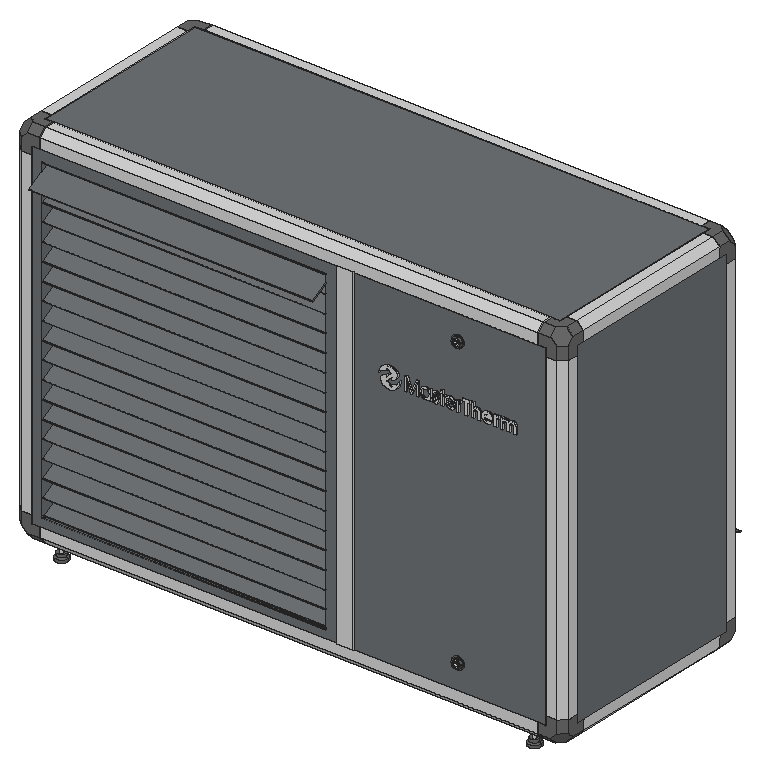
Revit family "BoxAir-Inverter-P_ENG-RFA-2022", category Mechanické zařízení, Revit 2022
Family settings
  Kóta kulaté spojky = Použít průměr
  Typ dílu = Normální
  Číslo OmniClass = 23.75.00.00
  Nadpis OmniClass = Climate Control (HVAC)
  Založené na pracovní rovině = Ne
  Vždy vertikální = Ano
  Ořezat dutým tvarem při načtení = Ne
  Zachovat orientaci poznámky = Ne
  Sdílené = Ne
  Bod výpočtu místnosti = Ne
Parameters (values of type "BA22IP")
  Výrobce = "Master Therm"  # constant formula
  Výchozí výška = 0.00 mm
  URL = "https://www.mastertherm.eu/boxair-inverter-p-heat-pump"
  Popis = "Air-to-water heat pump (R290)"  # constant formula
  Model = if(MT_TYPE = 22, "BoxAir 22 Intverter P", if(MT_TYPE = 26, "BoxAir 26 Intverter P", if(MT_TYPE = 37, "BoxAir 37 Intverter P", "BoxAir 45 Intverter P")))  # "BoxAir 22 Intverter P"
  MT_weight (kg) = if(MT_TYPE = 22, 120, if(MT_TYPE = 26, 130, if(MT_TYPE = 37, 165, 185)))  # 120
  MT_voltage (V) = if(MT_TYPE > 26, 400 V, 230 V)  # 230 V
  MT_side grille W = MT_case depth - 2.00 mm * 40  # 446.00 mm
  MT_side grille H = MT_front grille H  # 805.00 mm
  MT_service space_YES [instance] = no
  MT_pipe mat = MT_angle-corner
  MT_max. currnet – aux. heater (A) = if(MT_TYPE = 37, 25 A, if(MT_TYPE = 45, 32 A, 16 A))  # 16 A
  MT_max. current – compressor (A) = if(MT_TYPE = 22, 16 A, if(MT_TYPE = 45, 25 A, 20 A))  # 16 A
  MT_drain [instance] = 0.0 L/s
  MT_ground height = 30.00 mm  # constant formula
  MT_grille ext front Y = MT_case height - 2.00 mm * 40 - 2.00 mm * 25  # 755.00 mm
  MT_front grille W = MT_case width - 40.00 mm - 498.00 mm - 40.00 mm  # 726.00 mm
  MT_front grille H = MT_case height - 2.00 mm * 40  # 805.00 mm
  MT_frequency (Hz) = 50 Hz  # constant formula
  MT_drain diameter = 40.00 mm  # constant formula
  MT_clearance top = 200.00 mm  # constant formula
  MT_clearance right = MT_clearance front  # 1500.00 mm
  MT_clearance left = MT_clearance front  # 1500.00 mm
  MT_clearance front = if(MT_TYPE > 26, 2000.00 mm, 1500.00 mm)  # 1500.00 mm
  MT_clearance back = 250.00 mm  # constant formula
  MT_cover front_Y-v2 = MT_case depth * (-1)  # -526.00 mm
  MT_apparent power = 0 VA  # constant formula
  MT_active power = 0 W  # constant formula
  MT_hot water – inlet [instance] = 0.0 L/s
  MT_hot water – outlet [instance] = 0.0 L/s
  MT_cover top_Y = MT_cover side_X  # 446.00 mm
  MT_cover top_X = MT_cover front_X  # 1224.00 mm
  MT_cover side_Y = MT_cover front_Y  # 805.00 mm
  MT_cover side_X = MT_case depth - 2.00 mm * 40  # 446.00 mm
  MT_cover front_Y = MT_case height - 2.00 mm * 40  # 805.00 mm
  MT_cover front_X = MT_case width - 2.00 mm * 40  # 1224.00 mm
  MT_case width = if(MT_TYPE > 26, 1308.00 mm, 1304.00 mm)  # 1304.00 mm
  MT_case mat = MT_RAL7016
  MT_case height = if(MT_TYPE > 26, 1498.00 mm, 885.00 mm)  # 885.00 mm
  MT_case depth = if(MT_TYPE > 26, 528.00 mm, 526.00 mm)  # 526.00 mm
  MT_angle offset = 60.00 mm  # constant formula
  MT_angle length_Z = MT_case height - 2 * MT_angle offset  # 765.00 mm
  MT_angle length_Y = MT_case depth - 2 * MT_angle offset  # 406.00 mm
  MT_angle length_X = MT_case width - 2 * MT_angle offset  # 1184.00 mm
  MT_TYPE = 22
  MT_CosPhi = 0  # constant formula
  MT_CO diameter = 28.00 mm  # constant formula
  MT_CI diameter = 28.00 mm  # constant formula
  Komentáře k typům = "COMPRESSOR: BLDC Inverter; 25 – 120 rps; oil (PZ68S) – 0.3 l; max. op. current – 8 A; EVAPORATOR: Coil (Al/Cu); heat transfer area – 21 m2; fin spacing – 2.0 mm; max. overpress. – 4.2 MPa; max. air flow – 3000 m3/h; max. power in (fan) – 0.1 kW; fan diameter – 450 mm; speed (max.) – 700 1/min; LWA – 50 dB; defrost – reversal; CONDENSER: PHE; AISI316; water flow – 0.20 kg/s; min. flow – 0.10 kg/s; temp. difference – 5 K; water volume – 7.0 l; max. water overpress. – 250 kPa; max. refr. overpress. – 4.2 MPa; pump ext. head – 6.0 m; pump motor – 70 W; REFRIGERANT CIRCUIT: R290 (0.8 kg); PHE leak protection – 35% Propylene glycol; R290 leakage sensor – yes; AUX. HEATER: 5.7 + (2.8) kW; CONTROLS: controller – pCO5; EEV – yes; water probe – yes; SHW probe – yes; outdoor probe – yes; dynamic set point – yes; refrigerant probe – 2xPT; POWER SUPPLY: 1x230 (3x400) V; 50 Hz; max. current of compressor (aux. heater) – 16/(16)/(16) A; DIMENSIONS: hot water – 1\" (OD); 90x130x53 cm; 120 kg; LIMITS: max. water overpress. – 0.25 MPa; max. refr. overpress. – 2.9 MPa; air min./max.: -20/+35 °C; water min./max.: 20/65 °C"
  Hot water – outlet = "1'' (OD)"  # constant formula
  Hot water – inlet = "1'' (OD)"  # constant formula
  El. connection = "1xPG21; 1xPG29"  # constant formula
  Drain = "Ø40 mm"  # constant formula
  Cena = 0
  COPYRIGHT = "© Master Therm tepelná čerpadla s. r. o."  # constant formula
Reference planes
  plane 1 "Střed (vpředu/vzadu)": y = 0
  plane 2: z = 0
  plane 3 "Střed (vlevo/vpravo)": x = 0
  plane 4 "MT_case bottom": z = 30
  plane 5 "MT_case right": x = 652
  plane 6 "MT_case left": x = -652
  plane 7 "MT_case back": y = 263
  plane 8 "MT_case front": y = -263
  plane 9 "MT_case top": z = 915
  plane 10: y = -203
  plane 11: y = 203
  plane 12: x = 592
  plane 13: x = -592
  plane 14: z = 90
  plane 15: z = 855
  plane 16: x = 402
  plane 17: x = 471
  plane 18: x = 351
  plane 19: z = 136
  plane 20 "MT_top clearance": z = 1115
  plane 21 "MT_left clearance": x = -2152
  plane 22 "MT_right clearance": x = 2152
  plane 23 "MT_back clearance": y = 513
  plane 24 "MT_front clearance": y = -1763
Forms (mm)
  Extrusion 1, solid, material "MT_RAL7016" <- "MT_case mat"
    sketch origin (-1566.716, -1524, 30) x (-1, 0, 0) y (0, -1, 0)
      loop
        line (-954.716, -1747) -> (-954.716, -1301) -> (-2178.716, -1301) -> (-2178.716, -1747) -> (-954.716, -1747)
    from 0 to 885 <- "MT_case height"
  Extrusion 2, solid, material "MT_RAL7016" <- "MT_case mat"
    sketch origin (-898.431, 263, 1500) x (-1, 0, 0) y (0, 0, 1)
      loop
        line (-1510.431, -1430) -> (-286.431, -1430) -> (-286.431, -625) -> (-1510.431, -625) -> (-1510.431, -1430)
    from 0 to -526 <- "MT_cover front_Y-v2"
  Extrusion 3, solid, material "MT_RAL7016" <- "MT_case mat"
    sketch origin (-652, 401.27, 1500) x (0, 1, 0) y (0, 0, 1)
      loop
        line (-624.27, -1430) -> (-178.27, -1430) -> (-178.27, -625) -> (-624.27, -625) -> (-624.27, -1430)
    from 0 to 1304 <- "MT_case width"
  Extrusion 4, void
    sketch origin (-898.431, -263, 1500) x (-1, 0, 0) y (0, 0, -1)
      loop
        line (-311.431, 1405) -> (-987.431, 1405) -> (-987.431, 650) -> (-311.431, 650) -> (-311.431, 1405)
    from 0 to -40
  Extrusion 5, void
    sketch origin (-652, 401.27, 1500) x (0, -1, 0) y (0, 0, 1)
      loop
        line (203.27, -1405) -> (599.27, -1405) -> (599.27, -650) -> (203.27, -650) -> (203.27, -1405)
    from 0 to -40
  Extrusion 6, void
    sketch origin (-898.431, 263, 1500) x (1, 0, 0) y (0, 0, 1)
      loop
        line (311.431, -1405) -> (987.431, -1405) -> (987.431, -650) -> (311.431, -650) -> (311.431, -1405)
    from 0 to 40
  Extrusion 7, solid, material "MT_angle-corner"
    sketch origin (-400.431, 263, 1500) x (-1, 0, 0) y (0, 0, 1)
      loop
        line (-554.431, -1430) -> (-514.431, -1430) -> (-514.431, -625) -> (-554.431, -625) -> (-554.431, -1430)
    from 0 to 1
  Extrusion 8, solid, material "MT_angle-corner"
    sketch origin (-898.431, -263, 1500) x (-1, 0, 0) y (0, 0, -1)
      loop
        line (-1052.431, 1430) -> (-1052.431, 625) -> (-1012.431, 625) -> (-1012.431, 1430) -> (-1052.431, 1430)
    from 0 to 1
  Extrusion 9, solid, material "MT_angle-corner" <- "MT_pipe mat"
    sketch origin (-881.705, 263, -1200.873) x (0, 0, -1) y (-1, 0, 0)
      loop
        circle (-1350.873, -1352.705) r 14
    from 0 to 20
  Extrusion 10, solid, material "MT_angle-corner" <- "MT_pipe mat"
    sketch origin (-993, 263, -1069.431) x (0, 0, -1) y (-1, 0, 0)
      loop
        circle (-1219.431, -1344) r 14
    from 0 to 20
  Extrusion 11, solid, material "MT_RAL7016" <- "MT_case mat"
    sketch origin (154, 263, 655) x (0, 0, -1) y (0, 1, 0)
      loop
        line (411.188, 0) -> (425, 51.546) -> (424, 51.546) -> (410.188, 0) -> (411.188, 0)
    from 0 to 458
  Extrusion 12, solid, material "MT_angle-corner" <- "MT_pipe mat"
    sketch origin (-989.558, 263, -1311.21) x (0, 0, -1) y (-1, 0, 0)
      loop
        circle (-1411.21, -1391.558) r 10
    from 0 to 20
  Extrusion 13, solid, material "MT_angle-corner" <- "MT_pipe mat"
    sketch origin (-896.456, 263, -1311.974) x (0, 0, -1) y (-1, 0, 0)
      loop
        circle (-1411.974, -1410) r 10
    from 0 to 20
  Extrusion 14, solid
    sketch origin (-1566.484, -1546.998, 30) x (-1, 0, 0) y (0, -1, 0)
      loop
        circle (-1094.484, -1659.998) r 20
    from 0 to -1
Cuts and joins
  Extrusion 4, Extrusion 5, Extrusion 6 cuts Extrusion 2
  Extrusion 5, Extrusion 6 cuts Extrusion 1
  Extrusion 5, Extrusion 6 cuts Extrusion 3
Lines and regions (mm)
  reference lines
    curve 1: line (-2152, 513, 30) -> (2152, 513, 30)
    curve 2: line (-2152, 513, 30) -> (-2152, -263, 30)
    curve 3: line (-652, -1763, 30) -> (652, -1763, 30)
    curve 4: line (2152, 513, 30) -> (2152, -263, 30)
    curve 5: arc (-652, -1763, 30) -> (-1712.66, -1323.66, 30) -> (-2152, -263, 30) r 1500
    curve 6: arc (652, -1763, 30) -> (1712.66, -1323.66, 30) -> (2152, -263, 30) r 1500
    curve 7: line (-2152, 513, 1115) -> (2152, 513, 1115)
    curve 8: line (-2152, 513, 1115) -> (-2152, -263, 1115)
    curve 9: line (-652, -1763, 1115) -> (652, -1763, 1115)
    curve 10: line (2152, 513, 1115) -> (2152, -263, 1115)
    curve 11: arc (652, -1763, 1115) -> (1712.66, -1323.66, 1115) -> (2152, -263, 1115) r 1500
    curve 12: line (-2152, 513, 1115) -> (-2152, 513, 30)
    curve 13: line (2152, 513, 1115) -> (2152, 513, 30)
    curve 14: arc (-652, -1763, 1115) -> (-1712.66, -1323.66, 1115) -> (-2152, -263, 1115) r 1500
    curve 15: arc (652, -1763, 1115) -> (1712.66, -1323.66, 1115) -> (2152, -263, 1115) r 1500
  model lines, style "MT_service space", visible <- "MT_service space_YES"
    curve 16: line (-2152, 513, 30) -> (2152, 513, 30)
    curve 17: line (-2152, 513, 30) -> (-2152, -263, 30)
    curve 18: arc (-652, -1763, 30) -> (-1712.66, -1323.66, 30) -> (-2152, -263, 30) r 1500
    curve 19: line (-652, -1763, 30) -> (652, -1763, 30)
    curve 20: arc (652, -1763, 30) -> (1712.66, -1323.66, 30) -> (2152, -263, 30) r 1500
    curve 21: line (2152, 513, 30) -> (2152, -263, 30)
    curve 22: line (2152, 513, 1115) -> (2152, -263, 1115)
    curve 23: arc (652, -1763, 1115) -> (1712.66, -1323.66, 1115) -> (2152, -263, 1115) r 1500
    curve 24: line (-652, -1763, 1115) -> (652, -1763, 1115)
    curve 25: arc (-652, -1763, 1115) -> (-1712.66, -1323.66, 1115) -> (-2152, -263, 1115) r 1500
    curve 26: line (-2152, 513, 1115) -> (-2152, -263, 1115)
    curve 27: line (-2152, 513, 1115) -> (2152, 513, 1115)
    curve 28: line (-2152, 513, 1115) -> (-2152, 513, 30)
    curve 29: line (2152, 513, 1115) -> (2152, 513, 30)
Dimensions and locks
  "MT_ground height": plane 4 "MT_case bottom" to plane 2
  equal spacing: plane 6 "MT_case left", plane 3 "Střed (vlevo/vpravo)", plane 5 "MT_case right"
  "MT_case width": plane 6 "MT_case left" to plane 5 "MT_case right"
  equal spacing: plane 7 "MT_case back", plane 1 "Střed (vpředu/vzadu)", plane 8 "MT_case front"
  "MT_case depth": plane 7 "MT_case back" to plane 8 "MT_case front"
  "MT_angle offset": plane 8 "MT_case front" to plane 10
  "MT_angle offset": plane 7 "MT_case back" to plane 11
  "MT_angle offset": plane 12 to plane 5 "MT_case right"
  "MT_angle offset": plane 6 "MT_case left" to plane 13
  "MT_angle offset": plane 14 to plane 4 "MT_case bottom"
  "MT_case height": plane 9 "MT_case top" to plane 4 "MT_case bottom"
  "MT_angle offset": plane 9 "MT_case top" to plane 15
  equal spacing: Extrusion 1 sketch curve, plane 3 "Střed (vlevo/vpravo)", Extrusion 1 sketch curve
  "MT_cover top_X": Extrusion 1 sketch curve to Extrusion 1 sketch curve
  equal spacing: Extrusion 1 sketch curve, plane 1 "Střed (vpředu/vzadu)", Extrusion 1 sketch curve
  "MT_cover top_Y": Extrusion 1 sketch curve to Extrusion 1 sketch curve
  equal spacing: Extrusion 2 sketch curve, plane 3 "Střed (vlevo/vpravo)", Extrusion 2 sketch curve
  "MT_cover front_X": Extrusion 2 sketch curve to Extrusion 2 sketch curve
  "MT_cover front_Y": Extrusion 2 sketch curve to Extrusion 2 sketch curve
  equal spacing: Extrusion 3 sketch curve, plane 1 "Střed (vpředu/vzadu)", Extrusion 3 sketch curve
  "MT_cover side_X": Extrusion 3 sketch curve to Extrusion 3 sketch curve
  "MT_cover side_Y": Extrusion 3 sketch curve to Extrusion 3 sketch curve
  locked: plane 9 "MT_case top" to nested 23 at 100
  locked: plane 5 "MT_case right" to plane 16 at 250
  locked: nested 22 to plane 4 "MT_case bottom" at 100
  locked: plane 9 "MT_case top" to nested 21 at 250
  locked: plane 6 "MT_case left" to nested 25 at 90
  locked: plane 6 "MT_case left" to nested 24 at 90
  locked: plane 7 "MT_case back" to nested 25 at 28
  locked: nested 24 to plane 8 "MT_case front" at 28
  locked: nested 26 to plane 5 "MT_case right" at 90
  locked: nested 26 to plane 8 "MT_case front" at 28
  locked: nested 27 to plane 5 "MT_case right" at 90
  locked: plane 7 "MT_case back" to nested 27 at 28
  locked: Extrusion 2 to Extrusion 4 sketch curve at 25
  locked: Extrusion 4 sketch curve to Extrusion 2 at 25
  "MT_grille ext front Y": Extrusion 4 sketch curve to Extrusion 4 sketch curve
  locked: nested 28 to cut or joined group of Extrusion 2, Extrusion 4, Extrusion 5, Extrusion 6 at 45
  locked: cut or joined group of Extrusion 3, Extrusion 5, Extrusion 6 to Extrusion 5 sketch curve at 25  (x3)
  "MT_grille ext front Y": Extrusion 5 sketch curve to Extrusion 5 sketch curve
  locked: cut or joined group of Extrusion 3, Extrusion 5, Extrusion 6 to nested 29 at 45
  "MT_grille ext front Y": Extrusion 6 sketch curve to Extrusion 6 sketch curve
  locked: cut or joined group of Extrusion 2, Extrusion 4, Extrusion 5, Extrusion 6 to nested 30 at 45
  locked: nested 32 to plane 9 "MT_case top" at 100
  locked: cut or joined group of Extrusion 2, Extrusion 4, Extrusion 5, Extrusion 6 to nested 31 at 270
  locked: Extrusion 7 sketch curve to Extrusion 7 sketch curve at 40
  Extrusion 8 sketch curve to Extrusion 8 sketch curve = 40.00 mm
  plane 3 "Střed (vlevo/vpravo)" to Extrusion 7 sketch curve = 114.00 mm
  plane 4 "MT_case bottom" to Extrusion 10 = 106.00 mm
  locked: plane 5 "MT_case right" to plane 17 at 181
  locked: plane 18 to plane 17 at 120
  locked: Extrusion 11 to plane 4 "MT_case bottom" at 200
  locked: plane 4 "MT_case bottom" to plane 19 at 106
  locked: plane 5 "MT_case right" to Extrusion 8 at 498
  locked: plane 5 "MT_case right" to Extrusion 7 at 498
  locked: Extrusion 7 to Extrusion 6 sketch curve at 25
  locked: plane 6 "MT_case left" to Extrusion 14 at 200
  locked: plane 7 "MT_case back" to Extrusion 14 at 150
  "MT_clearance left": curve 2 to plane 6 "MT_case left"
  "MT_clearance right": plane 5 "MT_case right" to curve 4
  "MT_clearance back": curve 1 to plane 7 "MT_case back"
  "MT_clearance front": curve 3 to plane 8 "MT_case front"
  equal spacing: curve 3, plane 3 "Střed (vlevo/vpravo)", curve 3
  "MT_clearance top": plane 20 "MT_top clearance" to plane 9 "MT_case top"
  "MT_case width": curve 9 to curve 9
  "MT_clearance right": plane 22 "MT_right clearance" to plane 5 "MT_case right"
  "MT_clearance left": plane 6 "MT_case left" to plane 21 "MT_left clearance"
  "MT_clearance back": plane 23 "MT_back clearance" to plane 7 "MT_case back"
  "MT_clearance front": plane 8 "MT_case front" to plane 24 "MT_front clearance"
  "MT_CO diameter": diameter of Extrusion 9 sketch curve
  "MT_CI diameter": diameter of Extrusion 10 sketch curve
  "MT_drain diameter": diameter of Extrusion 14 sketch curve
  "MT_clearance front": radius of curve 5
  "MT_clearance front": radius of curve 6
  "MT_clearance front": radius of curve 14
  "MT_clearance front": radius of curve 15
  aligned and locked: level to plane 2
  aligned and locked: plane 4 "MT_case bottom" to nested 1
  aligned and locked: plane 4 "MT_case bottom" to nested 2
  aligned and locked: nested 3 to plane 4 "MT_case bottom"
  aligned and locked: nested 4 to plane 4 "MT_case bottom"
  aligned and locked: plane 5 "MT_case right" to nested 2
  aligned and locked: plane 6 "MT_case left" to nested 3
  aligned and locked: nested 4 to plane 7 "MT_case back"
  aligned and locked: plane 8 "MT_case front" to nested 1
  aligned and locked: nested 3 to plane 10
  aligned and locked: plane 13 to nested 4
  aligned and locked: plane 10 to nested 2
  aligned and locked: nested 1 to plane 13
  aligned and locked: plane 4 "MT_case bottom" to nested 5
  aligned and locked: nested 6 to plane 4 "MT_case bottom"
  aligned and locked: plane 4 "MT_case bottom" to nested 8
  aligned and locked: nested 7 to plane 4 "MT_case bottom"
  aligned and locked: plane 13 to nested 5
  aligned and locked: nested 5 to plane 11
  aligned and locked: nested 6 to plane 13
  aligned and locked: plane 10 to nested 6
  aligned and locked: nested 8 to plane 12
  aligned and locked: nested 8 to plane 10
  aligned and locked: plane 12 to nested 7
  aligned and locked: plane 11 to nested 7
  aligned and locked: nested 9 to plane 14
  aligned and locked: nested 9 to plane 6 "MT_case left"
  aligned and locked: nested 9 to plane 8 "MT_case front"
  aligned and locked: plane 14 to nested 10
  aligned and locked: plane 14 to nested 12
  aligned and locked: nested 11 to plane 14
  aligned and locked: nested 12 to plane 5 "MT_case right"
  aligned and locked: plane 5 "MT_case right" to nested 11
  aligned and locked: plane 6 "MT_case left" to nested 10
  aligned and locked: nested 11 to plane 7 "MT_case back"
  aligned and locked: plane 8 "MT_case front" to nested 12
  aligned and locked: plane 7 "MT_case back" to nested 10
  aligned and locked: nested 18 to plane 9 "MT_case top"
  aligned and locked: plane 9 "MT_case top" to nested 17
  aligned and locked: plane 9 "MT_case top" to nested 20
  aligned and locked: nested 19 to plane 9 "MT_case top"
  aligned and locked: plane 6 "MT_case left" to nested 17
  aligned and locked: nested 17 to plane 7 "MT_case back"
  aligned and locked: nested 18 to plane 6 "MT_case left"
  aligned and locked: plane 8 "MT_case front" to nested 18
  aligned and locked: nested 20 to plane 8 "MT_case front"
  aligned and locked: nested 20 to plane 5 "MT_case right"
  aligned and locked: plane 5 "MT_case right" to nested 19
  aligned and locked: plane 7 "MT_case back" to nested 19
  aligned and locked: nested 14 to plane 10
  aligned and locked: plane 13 to nested 13
  aligned and locked: plane 10 to nested 15
  aligned and locked: nested 16 to plane 13
  aligned and locked: plane 9 "MT_case top" to nested 13
  aligned and locked: nested 16 to plane 9 "MT_case top"
  aligned and locked: nested 15 to plane 9 "MT_case top"
  aligned and locked: plane 9 "MT_case top" to nested 14
  aligned and locked: nested 15 to plane 6 "MT_case left"
  aligned and locked: nested 13 to plane 8 "MT_case front"
  aligned and locked: plane 7 "MT_case back" to nested 16
  aligned and locked: nested 14 to plane 5 "MT_case right"
  aligned and locked: Extrusion 2 sketch curve to nested 4
  aligned and locked: Extrusion 2 to Extrusion 3 sketch curve
  aligned and locked: plane 8 "MT_case front" to nested 21
  aligned and locked: plane 8 "MT_case front" to nested 22
  aligned and locked: plane 8 "MT_case front" to nested 23
  aligned and locked: nested 23 to plane 16
  aligned and locked: nested 22 to plane 16
  aligned and locked: plane 16 to nested 21
  aligned and locked: plane 4 "MT_case bottom" to nested 24
  aligned and locked: plane 4 "MT_case bottom" to nested 25
  aligned and locked: plane 4 "MT_case bottom" to nested 26
  aligned and locked: plane 4 "MT_case bottom" to nested 27
  aligned and locked: nested 28 to cut or joined group of Extrusion 2, Extrusion 4, Extrusion 5, Extrusion 6
  aligned and locked: nested 29 to cut or joined group of Extrusion 3, Extrusion 5, Extrusion 6
  aligned and locked: nested 29 to cut or joined group of Extrusion 1, Extrusion 5, Extrusion 6
  aligned and locked: nested 28 to cut or joined group of Extrusion 1, Extrusion 5, Extrusion 6
  aligned and locked: nested 30 to cut or joined group of Extrusion 1, Extrusion 5, Extrusion 6
  aligned and locked: plane 16 to nested 32
  aligned and locked: plane 16 to nested 31
  aligned and locked: plane 18 to Extrusion 10
  aligned and locked: plane 17 to Extrusion 9
  aligned and locked: Extrusion 11 to plane 7 "MT_case back"
  aligned and locked: plane 19 to Extrusion 10
  aligned and locked: plane 19 to Extrusion 9
  aligned and locked: plane 16 to Extrusion 12
  aligned and locked: plane 14 to Extrusion 12
  aligned and locked: plane 14 to Extrusion 13
  aligned and locked: nested 28 to Extrusion 4 sketch curve
  aligned and locked: nested 30 to cut or joined group of Extrusion 2, Extrusion 4, Extrusion 5, Extrusion 6
  aligned and locked: plane 8 "MT_case front" to curve 4
  aligned and locked: curve 2 to plane 8 "MT_case front"
  aligned and locked: curve 3 to plane 6 "MT_case left"
  aligned and locked: plane 22 "MT_right clearance" to curve 13
  aligned and locked: plane 21 "MT_left clearance" to curve 12
  aligned and locked: curve 16 to curve 7
  aligned and locked: curve 17 to curve 8
  aligned and locked: curve 18 to curve 14
  aligned and locked: curve 20 to curve 6
  aligned and locked: curve 21 to curve 4
  aligned and locked: curve 22 to curve 10
  aligned and locked: curve 23 to curve 15
  aligned and locked: curve 25 to curve 14
  aligned and locked: curve 26 to curve 8
  aligned and locked: curve 27 to curve 7
  aligned and locked: curve 28 to curve 12
  aligned and locked: curve 29 to curve 13
Automatic sketch dimensions
  plane 16 to Extrusion 12 sketch curve = 0.00 mm
  plane 14 to Extrusion 12 sketch curve = 10.00 mm
  Extrusion 7 sketch curve to plane 14 = 20.00 mm
  plane 15 to Extrusion 7 sketch curve = 20.00 mm
  Extrusion 8 sketch curve to plane 15 = 20.00 mm
  Extrusion 8 sketch curve to plane 18 = 197.00 mm
  plane 14 to Extrusion 8 sketch curve = 20.00 mm
  Extrusion 11 sketch curve to Extrusion 7 = 0.00 mm
  Extrusion 11 sketch curve to Extrusion 7 = 174.812 mm
  Extrusion 11 sketch curve to Extrusion 11 sketch curve = 1.00 mm  (x2)
  Extrusion 11 sketch curve to Extrusion 7 = 50.546 mm
  Extrusion 11 sketch curve to Extrusion 11 sketch curve = 12.812 mm
  plane 14 to Extrusion 13 sketch curve = 10.00 mm
  Extrusion 13 sketch curve to plane 17 = 42.544 mm
  curve 13 to plane 20 "MT_top clearance" = 0.00 mm
  curve 12 to plane 20 "MT_top clearance" = 0.00 mm
  curve 13 to plane 4 "MT_case bottom" = 0.00 mm
  curve 12 to plane 4 "MT_case bottom" = 0.00 mm
  curve 28 to plane 20 "MT_top clearance" = 0.00 mm
  curve 28 to plane 4 "MT_case bottom" = 0.00 mm
  curve 29 to plane 20 "MT_top clearance" = 0.00 mm
  curve 29 to plane 4 "MT_case bottom" = 0.00 mm
  plane 13 to Extrusion 6 sketch curve = 5.00 mm
  plane 14 to Extrusion 6 sketch curve = 5.00 mm
  Extrusion 9 sketch curve to Extrusion 2 = 80.00 mm
  Extrusion 9 sketch curve to Extrusion 2 = 141.00 mm
  plane 18 to Extrusion 10 sketch curve = 0.00 mm
  plane 19 to Extrusion 10 sketch curve = 14.00 mm
  plane 13 to Extrusion 14 sketch curve = 120.00 mm
  Extrusion 14 sketch curve to plane 11 = 90.00 mm
  curve 7 to plane 22 "MT_right clearance" = 0.00 mm
  curve 7 to plane 23 "MT_back clearance" = 0.00 mm
  curve 14 to plane 8 "MT_case front" = 0.00 mm
  radius of Extrusion 12 sketch curve = 10.00 mm
  radius of Extrusion 13 sketch curve = 10.00 mm
Nested families
  nested 1: "MT_angle-cover" at (-592, -223, 30) x (0, 0, 1) z (1, 0, 0), MT_angle_lenght <- "MT_angle length_X", type "MT_angle-cover"
    with MT_angle_lenght 1184.00 mm
  nested 2: "MT_angle-cover" at (612, -203, 30) x (0, 0, 1) z (0, 1, 0), MT_angle_lenght <- "MT_angle length_Y", type "MT_angle-cover"
    with MT_angle_lenght 406.00 mm
  nested 3: "MT_angle-cover" at (-612, -203, 30) x (0, 0, 1) z (0, 1, 0), MT_angle_lenght <- "MT_angle length_Y", type "MT_angle-cover"
    with MT_angle_lenght 406.00 mm
  nested 4: "MT_angle-cover" at (-592, 223, 30) x (0, 0, 1) z (1, 0, 0), MT_angle_lenght <- "MT_angle length_X", type "MT_angle-cover"
    with MT_angle_lenght 1184.00 mm
  nested 5: "MT_corner-cap" at (-592, 203, 30) x (0, 0, 1) z (-1, 0, 0), type "MT_corner-cap"
  nested 6: "MT_corner-cap" at (-592, -203, 30) x (0, 0, 1) z (-1, 0, 0), type "MT_corner-cap"
  nested 7: "MT_corner-cap" at (592, 203, 30) x (0, 0, 1) z (1, 0, 0), type "MT_corner-cap"
  nested 8: "MT_corner-cap" at (592, -203, 30) x (0, 0, 1) z (1, 0, 0), type "MT_corner-cap"
  nested 9: "MT_angle-cover" at (-612, -263, 90) x (0, 1, 0) z (0, 0, 1), MT_angle_lenght <- "MT_angle length_Z", type "MT_angle-cover"
    with MT_angle_lenght 765.00 mm
  nested 10: "MT_angle-cover" at (-612, 263, 90) x (0, -1, 0) z (0, 0, 1), MT_angle_lenght <- "MT_angle length_Z", type "MT_angle-cover"
    with MT_angle_lenght 765.00 mm
  nested 11: "MT_angle-cover" at (612, 263, 90) x (0, -1, 0) z (0, 0, 1), MT_angle_lenght <- "MT_angle length_Z", type "MT_angle-cover"
    with MT_angle_lenght 765.00 mm
  nested 12: "MT_angle-cover" at (612, -263, 90) x (0, 1, 0) z (0, 0, 1), MT_angle_lenght <- "MT_angle length_Z", type "MT_angle-cover"
    with MT_angle_lenght 765.00 mm
  nested 13: "MT_angle-cover" at (-592, -223, 915) x (0, 0, -1) z (1, 0, 0), MT_angle_lenght <- "MT_angle length_X", type "MT_angle-cover"
    with MT_angle_lenght 1184.00 mm
  nested 14: "MT_angle-cover" at (612, -203, 915) x (0, 0, -1) z (0, 1, 0), MT_angle_lenght <- "MT_angle length_Y", type "MT_angle-cover"
    with MT_angle_lenght 406.00 mm
  nested 15: "MT_angle-cover" at (-612, -203, 915) x (0, 0, -1) z (0, 1, 0), MT_angle_lenght <- "MT_angle length_Y", type "MT_angle-cover"
    with MT_angle_lenght 406.00 mm
  nested 16: "MT_angle-cover" at (-592, 223, 915) x (0, 0, -1) z (1, 0, 0), MT_angle_lenght <- "MT_angle length_X", type "MT_angle-cover"
    with MT_angle_lenght 1184.00 mm
  nested 17: "MT_corner-cap" at (-592, 203, 915) x (0, 0, -1) z (-1, 0, 0), type "MT_corner-cap"
  nested 18: "MT_corner-cap" at (-592, -203, 915) x (0, 0, -1) z (-1, 0, 0), type "MT_corner-cap"
  nested 19: "MT_corner-cap" at (592, 203, 915) x (0, 0, -1) z (1, 0, 0), type "MT_corner-cap"
  nested 20: "MT_corner-cap" at (592, -203, 915) x (0, 0, -1) z (1, 0, 0), type "MT_corner-cap"
  nested 21: "MT_logo-v2" at (277.848, -265, 665) x (1, 0, 0) z (0, 1, 0), type "MT_logo-v2"
  nested 22: "MT_case-lock" at (402, -263, 130) x (1, 0, 0) z (0, -1, 0), type "MT_case-lock"
  nested 23: "MT_case-lock" at (402, -263, 815) x (1, 0, 0) z (0, -1, 0), type "MT_case-lock"
  nested 24: "MT_adj feet" at (-562, -235, 0) x (-1, 0, 0) z (0, 0, 1), type "MT_adj feet"
  nested 25: "MT_adj feet" at (-562, 235, 0) x (-1, 0, 0) z (0, 0, 1), type "MT_adj feet"
  nested 26: "MT_adj feet" at (562, -235, 0) x (-1, 0, 0) z (0, 0, 1), type "MT_adj feet"
  nested 27: "MT_adj feet" at (562, 235, 0) x (-1, 0, 0) z (0, 0, 1), type "MT_adj feet"
  nested 28: "MT_grille-BA" at (-249, -223, 70), MT_grille height <- "MT_front grille H", MT_grille width <- "MT_front grille W", type "MT_grille-BA"
    with MT_rain cover_YES yes, MT_grille width 726.00 mm, MT_grille height 805.00 mm, MT_grille fins length 676.00 mm, MT_grille fins 19, MT_array_YES yes
  nested 29: "MT_grille-BA" at (-612, 0, 70) x (0, 1, 0) z (0, 0, 1), MT_grille height <- "MT_side grille H", MT_grille width <- "MT_side grille W", type "MT_grille-BA"
    with MT_rain cover_YES no, MT_grille width 446.00 mm, MT_grille height 805.00 mm, MT_grille fins length 396.00 mm, MT_grille fins 19, MT_array_YES yes
  nested 30: "MT_grille-BA" at (-249, 223, 70), MT_grille height <- "MT_front grille H", MT_grille width <- "MT_front grille W", type "MT_grille-BA"
    with MT_rain cover_YES no, MT_grille width 726.00 mm, MT_grille height 805.00 mm, MT_grille fins length 676.00 mm, MT_grille fins 19, MT_array_YES yes
  nested 31: "MT_case-lock" at (402, 263, 340) x (1, 0, 0) z (0, 1, 0), type "MT_case-lock"
  nested 32: "MT_case-lock" at (402, 263, 815) x (1, 0, 0) z (0, 1, 0), type "MT_case-lock"
Connectors
  piping at (471, 283, 150), diameter 28, driven by "MT_CO diameter", driven by "Hot water – outlet", driven by "MT_hot water – outlet"
    settings: on Extrusion 9, index 1, connector inside diameter 609.60 mm, connector length 0.00 mm, flow factor 1, pipe flow 0.0 L/s, pressure drop 0.0 Pa, fitting loss kfactor 0, connector angle 0.00°, fixture units 0, engagement length 0.00 mm, angle of deflection 0.00°, flow configuration 2, flow direction 2, fitting loss method 0, system type 29, joint type 0, gender type 0, connector reference index -1, connector utility 0, adjustable connector no, is connector primary yes, connector description "1'' (OD)"
  piping at (351, 283, 150), diameter 28, driven by "MT_CI diameter", driven by "Hot water – inlet", driven by "MT_hot water – inlet"
    settings: on Extrusion 10, index 2, connector inside diameter 609.60 mm, connector length 0.00 mm, flow factor 1, pipe flow 0.0 L/s, pressure drop 0.0 Pa, fitting loss kfactor 0, connector angle 0.00°, fixture units 0, engagement length 0.00 mm, angle of deflection 0.00°, flow configuration 2, flow direction 1, fitting loss method 0, system type 29, joint type 0, gender type 0, connector reference index -1, connector utility 0, adjustable connector no, is connector primary no, connector description "1'' (OD)"
  electrical at (402, 283, 100), driven by "MT_voltage (V)", driven by "MT_apparent power", driven by "MT_CosPhi", driven by "El. connection"
    settings: on Extrusion 12, index 3, voltage 230 V, apparent load 0 VA, apparent load phase1 0 VA, apparent load phase2 0 VA, apparent load phase3 0 VA, power factor 0, load classification "Další", number of poles 1, system type 30, power factor state 1, is connector primary yes, connector utility no, sub classification motor no, connector description "1xPG21; 1xPG29"
  piping at (-472, 113, 29), diameter 40, driven by "MT_drain diameter", driven by "Drain", driven by "MT_drain"
    settings: on Extrusion 14, index 4, connector inside diameter 609.60 mm, connector length 0.00 mm, flow factor 0, pipe flow 0.0 L/s, pressure drop 0.0 Pa, fitting loss kfactor 0, connector angle 0.00°, fixture units 0, engagement length 0.00 mm, angle of deflection 0.00°, flow configuration 1, flow direction 2, fitting loss method 0, system type 16, joint type 0, gender type 0, connector reference index -1, connector utility 0, adjustable connector no, is connector primary no, connector description "Ø40 mm"
Definition of nested family "MT_angle-cover"
  Parameters (values of type "MT_angle-cover")
    Default Elevation = 0.00 mm
    MT_angle_lenght [instance] = 500.00 mm
    MT_angle-corner = none
  Reference planes
    plane 1 "Střed (vpředu/vzadu)": y = 0
    plane 2: z = 0
    plane 3 "Střed (vlevo/vpravo)": x = 0
    plane 4: through (2.328, 26.328, 1200) normal (-0.7071, 0.7071, 0)
    plane 5: z = 500
  Forms (mm)
    Extrusion 1, solid, material <- "MT_angle-corner"
      sketch origin (0, 0, 0) x (1, 0, 0) y (0, 1, 0)
        loop
          line (40, 0) -> (40, 40) -> (0, 40) -> (0, 0) -> (40, 0)
      from 0 to 500
    Extrusion 2, void
      sketch origin (0, 0, 0) x (1, 0, 0) y (0, 1, 0)
        loop
          line (16, 40) -> (0, 40) -> (0, 24) -> (16, 40)
      from 0 to 500
  Cuts and joins
    Extrusion 2 cuts Extrusion 1
  Dimensions and locks
    "MT_angle_lenght": plane 5 to plane 2
    aligned and locked: level to plane 2
    aligned and locked: plane 5 to cut or joined group of Extrusion 1, Extrusion 2
    aligned and locked: Extrusion 1 to Extrusion 2
  Automatic sketch dimensions
    plane 1 "Střed (vpředu/vzadu)" to Extrusion 1 sketch curve = 0.00 mm
    Extrusion 1 sketch curve to plane 3 "Střed (vlevo/vpravo)" = 0.00 mm
    plane 3 "Střed (vlevo/vpravo)" to Extrusion 1 sketch curve = 40.00 mm
    Extrusion 1 sketch curve to plane 1 "Střed (vpředu/vzadu)" = 40.00 mm
    Extrusion 2 sketch curve to plane 3 "Střed (vlevo/vpravo)" = 0.00 mm
    Extrusion 2 sketch curve to plane 4 = 0.00 mm  (x2)
    plane 3 "Střed (vlevo/vpravo)" to Extrusion 2 sketch curve = 16.00 mm
Definition of nested family "MT_corner-cap"
  Parameters (values of type "MT_corner-cap")
    Default Elevation = 0.00 mm
    MT_corner-cap = none
  Reference planes
    plane 1 "Střed (vpředu/vzadu)": y = 0
    plane 2: z = 0
    plane 3 "Střed (vlevo/vpravo)": x = 0
    plane 4: y = 44
    plane 5: x = 16
    plane 6 "cp1": through (-50.749, 80.749, 1200) normal (0.7071, 0.7071, 0)
    plane 7: through (30, 44, 1200) normal (0.7071, -0.7071, 0)
  Forms (mm)
    Extrusion 1, solid, material <- "MT_corner-cap"
      sketch origin (0, 0, 0) x (1, 0, 0) y (0, 1, 0)
        loop
          line (60, 60) -> (0, 60) -> (0, 0) -> (60, 0) -> (60, 60)
      from 0 to 60
    Extrusion 2, void
      sketch origin (0, 0, 0) x (1, 0, 0) y (0, 1, 0)
        loop
          line (40, 20) -> (40, 0) -> (60, 0) -> (60, 20) -> (40, 20)
      from 0 to 60
    Extrusion 3, void
      sketch origin (0, 0, 0) x (1, 0, 0) y (0, 0, 1)
        loop
          line (16, 60) -> (0, 60) -> (0, 44) -> (16, 60)
      from 0 to -60
    Extrusion 4, void
      sketch origin (0, 0, 0) x (0, 1, 0) y (0, 0, 1)
        loop
          line (44, 60) -> (60, 44) -> (60, 60) -> (44, 60)
      from 0 to 60
    Extrusion 5, void
      sketch origin (0, 0, 0) x (1, 0, 0) y (0, 1, 0)
        loop
          line (16, 60) -> (0, 60) -> (0, 44) -> (16, 60)
      from 0 to 60
    Extrusion 6, void
      sketch origin (0, 0, 0) x (0, 1, 0) y (0, 0, 1)
        loop
          line (0, 0) -> (20, 0) -> (20, 20) -> (0, 20) -> (0, 0)
      from 0 to 60
    Extrusion 7, void
      sketch origin (0, 0, 0) x (1, 0, 0) y (0, 0, 1)
        loop
          line (60, 0) -> (60, 20) -> (40, 20) -> (40, 0) -> (60, 0)
      from 0 to -60
    Extrusion 8, void
      sketch origin (15, 15, 0) x (-0.707107, 0.707107, 0) y (0, 0, 1)
        loop
          line (9.899, 60) -> (31.113, 29.704) -> (31.113, 60) -> (9.899, 60)
      from -50 to 60
  Cuts and joins
    Extrusion 2, Extrusion 3, Extrusion 4, Extrusion 5, Extrusion 6, Extrusion 7, Extrusion 8 cuts Extrusion 1
  Dimensions and locks
    aligned and locked: level to plane 2
Definition of nested family "MT_logo-v2"
  Parameters (values of type "MT_logo-v2")
    Default Elevation = 1219.20 mm
    MT_logo_thickness = 2.00 mm  # constant formula
    MT_logo-mat = none
  Reference planes
    plane 1 "Střed (vpředu/vzadu)": y = 0
    plane 2: z = 0
    plane 3 "Střed (vlevo/vpravo)": x = 0
    plane 4: z = 500
  Forms (mm)
    Extrusion 1, solid, material <- "MT_logo-mat"
      sketch origin (0, 0, 0) x (1, 0, 0) y (0, 1, 0)
        loop
          line (-43.781, 15.933) -> (-43.781, 20.728)
          spline (-43.781, 20.728) -> (-53.317, 15.708) -> (-56.799, 10.996) -> (-57.381, 4.147) -> (-54.657, -1.349) -> (-49.027, -5.395) -> (-42.471, -7.654) -> (-36.04, -8.144) -> (-29.07, -7.001) -> (-23.172, -4.009) -> (-17.864, 0.677) -> (-14.517, 5.896) -> (-11.894, 16.849)
          spline (-11.894, 16.849) -> (-13.166, 14.249) -> (-14.175, 12.578) -> (-15.176, 11.232) -> (-16.415, 9.918) -> (-17.677, 8.83) -> (-18.995, 7.953) -> (-20.401, 7.151) -> (-21.761, 6.502) -> (-23.337, 5.861) -> (-25.027, 5.304) -> (-27.288, 4.736) -> (-31.428, 4.087)
          line (-31.428, 4.087) -> (-31.428, -0.732) -> (-43.369, 6.842) -> (-31.153, 18.577) -> (-31.153, 14.419)
          spline (-31.153, 14.419) -> (-22.25, 18.55) -> (-17.982, 23.198) -> (-16.84, 29.665) -> (-20.252, 35.284) -> (-25.999, 39.192) -> (-32.314, 41.304) -> (-39.002, 41.791) -> (-45.658, 40.229) -> (-51.593, 37.147) -> (-56.486, 32.53) -> (-59.843, 26.86) -> (-62.106, 19.486)
          spline (-62.106, 19.486) -> (-60.267, 21.825) -> (-59.153, 23.046) -> (-58.012, 24.105) -> (-56.816, 25.036) -> (-55.512, 25.892) -> (-54.098, 26.71) -> (-52.856, 27.344) -> (-51.466, 27.925) -> (-49.821, 28.516) -> (-48.242, 28.998) -> (-46.364, 29.439) -> (-43.657, 29.881)
          line (-43.657, 29.881) -> (-43.657, 34.276) -> (-31.531, 27.526) -> (-43.781, 15.933)
        loop
          line (0, 1.019) -> (3.59, 1.019) -> (3.59, 28.94) -> (14.436, 1.019) -> (17.898, 1.019) -> (28.975, 28.825) -> (28.975, 1.019) -> (32.206, 1.019) -> (32.206, 33.78) -> (27.245, 33.78) -> (16.398, 6.228) -> (5.274, 33.78) -> (0, 33.78) -> (0, 1.019)
        loop
          spline (48.751, 23.273) -> (46.388, 22.939) -> (44.186, 21.958) -> (42.296, 20.397) -> (40.845, 18.364) -> (39.933, 15.995) -> (39.622, 13.454) -> (39.933, 10.912) -> (40.845, 8.544) -> (42.296, 6.51) -> (44.186, 4.95) -> (46.388, 3.969) -> (48.751, 3.634)
          spline (48.751, 3.634) -> (51.114, 3.969) -> (53.316, 4.95) -> (55.207, 6.51) -> (56.657, 8.544) -> (57.57, 10.912) -> (57.881, 13.454) -> (57.57, 15.995) -> (56.657, 18.364) -> (55.207, 20.397) -> (53.316, 21.958) -> (51.114, 22.939) -> (48.751, 23.273)
        loop
          line (57.881, 4.324) -> (57.881, 1.019) -> (61.48, 1.019) -> (61.48, 25.889) -> (57.881, 25.889) -> (57.881, 22.583)
          arc (57.881, 22.583) -> (35.84, 13.454) -> (57.881, 4.324) r 12.911
        loop
          line (86.125, 22.492) -> (86.125, 1.019) -> (89.717, 1.019) -> (89.717, 22.492) -> (94.365, 22.492) -> (94.365, 25.974) -> (89.717, 25.974) -> (89.717, 33.78) -> (86.125, 33.78) -> (86.125, 25.974) -> (81.583, 25.974) -> (81.583, 22.492) -> (86.125, 22.492)
        loop
          spline (120.897, 12.309) -> (120.024, 18.831) -> (116.177, 24.119) -> (110.308, 26.865) -> (103.866, 26.393) -> (98.443, 22.817) -> (95.38, 17.023) -> (95.433, 10.441) -> (98.589, 4.698) -> (104.069, 1.214) -> (110.518, 0.85) -> (116.342, 3.694) -> (120.103, 9.046)
          line (120.103, 9.046) -> (115.947, 9.046)
          arc (115.947, 9.046) -> (106.228, 4.674) -> (98.794, 12.309) r 9.292
          line (98.794, 12.309) -> (120.897, 12.309)
        loop
          arc (117.067, 15.67) -> (107.965, 23.094) -> (98.863, 15.67) r 9.292
          line (98.863, 15.67) -> (117.067, 15.67)
        loop
          line (127.532, 23.758) -> (127.532, 25.763) -> (124.152, 25.763) -> (124.152, 1.019) -> (127.744, 1.019) -> (127.744, 17.742)
          arc (127.744, 17.742) -> (129.492, 21.42) -> (133.448, 22.386) r 4.742
          line (133.448, 22.386) -> (133.448, 26.185)
          arc (133.448, 26.185) -> (130.172, 25.746) -> (127.532, 23.758) r 6.521
        loop
          line (142.488, 27.585) -> (142.488, 1.019) -> (149.221, 1.019) -> (149.221, 27.585) -> (155.139, 27.585) -> (155.139, 33.78) -> (136.199, 33.78) -> (136.199, 27.585) -> (142.488, 27.585)
        loop
          line (163.722, 23.699) -> (163.722, 33.78) -> (157.581, 33.78) -> (157.581, 1.019) -> (163.722, 1.019) -> (163.722, 15.196) -> (164.016, 16.209) -> (164.307, 17.043)
          spline (164.307, 17.043) -> (165.574, 19.017) -> (166.288, 19.627) -> (167.046, 19.939) -> (167.922, 20.095) -> (168.858, 20.117) -> (169.737, 20.047) -> (170.514, 19.896) -> (171.213, 19.639) -> (171.861, 19.183) -> (172.492, 18.376) -> (173.129, 16.993) -> (173.784, 14.722)
          line (173.784, 14.722) -> (173.784, 1.019) -> (179.925, 1.019) -> (179.925, 17.901) -> (179.719, 18.903) -> (179.478, 19.785) -> (179.206, 20.559)
          spline (179.206, 20.559) -> (177.54, 23.133) -> (176.649, 24.126) -> (175.805, 24.812) -> (174.74, 25.392) -> (173.552, 25.805) -> (172.356, 26.102) -> (171.177, 26.31) -> (169.954, 26.379) -> (168.782, 26.283) -> (167.632, 25.964) -> (166.13, 25.259) -> (163.722, 23.699)
        loop
          line (201.474, 9.046) -> (208.133, 9.046)
          arc (208.133, 9.046) -> (182.997, 16.783) -> (208.746, 11.428) r 13.164
          line (208.746, 11.428) -> (189.256, 11.428)
          arc (189.256, 11.428) -> (194.561, 6.116) -> (201.474, 9.046) r 6.713
        loop
          arc (218.123, 16.511) -> (220.269, 19.589) -> (223.891, 20.572) r 5.496
          line (223.891, 20.572) -> (223.891, 26.204)
          arc (223.891, 26.204) -> (220.639, 25.706) -> (217.926, 23.846) r 7.389
          line (217.926, 23.846) -> (217.926, 25.877) -> (212.223, 25.877) -> (212.223, 1.019) -> (218.123, 1.019) -> (218.123, 16.511)
        loop
          line (247.851, 22.442) -> (246.299, 24.112) -> (244.867, 25.185) -> (242.957, 26.02) -> (240.37, 26.418) -> (238.261, 26.418) -> (236.152, 26.02) -> (234.401, 25.145) -> (232.689, 23.615) -> (232.689, 26.083) -> (226.986, 26.083) -> (226.986, 1.019) -> (232.748, 1.019) -> (232.748, 14.448) -> (233.34, 17.357)
          spline (233.34, 17.357) -> (234.506, 19.355) -> (235.184, 19.986) -> (235.918, 20.326) -> (236.775, 20.516) -> (237.696, 20.576) -> (238.565, 20.544) -> (239.338, 20.427) -> (240.037, 20.203) -> (240.695, 19.781) -> (241.35, 19.012) -> (242.035, 17.676) -> (242.775, 15.466)
          line (242.775, 15.466) -> (242.86, 14.628) -> (242.86, 1.019) -> (248.975, 1.019) -> (248.975, 14.569) -> (249.557, 17.438)
          spline (249.557, 17.438) -> (250.835, 19.335) -> (251.546, 19.906) -> (252.3, 20.191) -> (253.167, 20.318) -> (254.083, 20.313) -> (254.93, 20.222) -> (255.671, 20.053) -> (256.335, 19.782) -> (256.987, 19.317) -> (257.707, 18.521) -> (258.378, 17.179) -> (258.676, 14.994)
          line (258.676, 14.994) -> (258.676, 1.019) -> (264.674, 1.019) -> (264.674, 17.434)
          arc (264.674, 17.434) -> (258.13, 26.21) -> (247.851, 22.442) r 9.157
        loop
          arc (202.325, 16.381) -> (195.967, 21.024) -> (189.609, 16.381) r 6.674
          line (189.609, 16.381) -> (202.325, 16.381)
        loop
          line (68.145, 9.214) -> (64.677, 9.214)
          spline (64.677, 9.214) -> (66.736, 2.941) -> (70.193, 0.755) -> (74.263, 0.624) -> (78.153, 2.473) -> (80.209, 6.016) -> (80.272, 10.226) -> (77.925, 13.665) -> (74.022, 15.517) -> (70.206, 17.334) -> (69.88, 21.172) -> (73.486, 23.019) -> (76.3, 19.489)
          line (76.3, 19.489) -> (80.206, 19.489)
          spline (80.206, 19.489) -> (78.17, 24.592) -> (74.379, 26.486) -> (70.2, 26.139) -> (66.87, 23.387) -> (65.595, 19.397) -> (66.987, 15.501) -> (70.465, 13.143) -> (74.571, 10.894) -> (76.598, 7.617) -> (74.259, 4.16) -> (70.271, 4.49) -> (68.145, 9.214)
      from 0 to 2 <- "MT_logo_thickness"
  Dimensions and locks
    plane 4 to plane 2 = 500.00 mm
    aligned and locked: level to plane 2
Definition of nested family "MT_case-lock"
  Parameters (values of type "MT_case-lock")
    Default Elevation = 0.00 mm
    MT_corner-cap = none
    MT_angle-corner = none
  Reference planes
    plane 1 "Střed (vpředu/vzadu)": y = 0
    plane 2: z = 0
    plane 3 "Střed (vlevo/vpravo)": x = 0
    plane 4: y = 0
  Forms (mm)
    Revolve 1, solid, not visible
      sketch origin (29.178, 0, 1200) x (1, 0, 0) y (0, 0, 1)
        loop
          arc (30.822, -1200) -> (26.978, -1196.222) -> (21.784, -1194.782) r 10.758
          line (21.784, -1194.782) -> (21.784, -1200) -> (30.822, -1200)
        axis (21.784, -1194.782) -> (21.784, -1200)
      angle from 0 to 90
    Extrusion 2, solid, not visible
      sketch origin (0, 0, 0) x (0, 1, 0) y (0, 0, 1)
        loop
          line (0, 5.218) -> (0, 0) -> (9.038, 0)
          arc (9.038, 0) -> (5.194, 3.778) -> (0, 5.218) r 10.758
      from 9.038 to 50.962
    Revolve 3, solid, not visible
      sketch origin (28.882, 0, 1200) x (1, 0, 0) y (0, 0, 1)
        loop
          line (-28.882, -1200) -> (-19.844, -1200) -> (-19.844, -1194.782)
          arc (-19.844, -1194.782) -> (-25.038, -1196.222) -> (-28.882, -1200) r 10.758
        axis (-19.844, -1194.782) -> (-19.844, -1200)
      angle from 0 to 90
    Extrusion 4, solid, material <- "MT_corner-cap"
      sketch origin (0, 0, 0) x (1, 0, 0) y (0, 1, 0)
        loop
          circle (0, 0) r 14
      from 0 to 1
    Extrusion 5, solid, material <- "MT_corner-cap"
      sketch origin (0, 0, 1) x (1, 0, 0) y (0, 1, 0)
        loop
          circle (0, 0) r 11
        loop
          circle (0, 0) r 8
      from 0 to 5
    Extrusion 6, solid, material <- "MT_angle-corner"
      sketch origin (0, 0, 1) x (1, 0, 0) y (0, 1, 0)
        loop
          arc (-5.396, -1.506) -> (0, -5.602) -> (5.396, -1.506) r 5.602
          line (5.396, -1.506) -> (6.952, -1.506) -> (6.952, 1.506) -> (5.396, 1.506)
          arc (5.396, 1.506) -> (0, 5.602) -> (-5.396, 1.506) r 5.602
          line (-5.396, 1.506) -> (-6.952, 1.506) -> (-6.952, -1.506) -> (-5.396, -1.506)
        loop
          circle (0, 0) r 7.8
      from 0 to 5
    Extrusion 7, solid, material <- "MT_angle-corner"
      sketch origin (0, 0, 1) x (1, 0, 0) y (0, 1, 0)
        loop
          circle (0, 0) r 1.2
      from 0 to 2
  Dimensions and locks
    aligned and locked: level to plane 2
Definition of nested family "MT_adj feet"
  Parameters (values of type "MT_adj feet")
    Default Elevation = 0.00 mm
    MT_corner-cap = none
    MT_angle-corner = none
  Reference planes
    plane 1 "Střed (vpředu/vzadu)": y = 0
    plane 2: z = 0
    plane 3 "Střed (vlevo/vpravo)": x = 0
    plane 4: y = 0
  Forms (mm)
    Revolve 1, solid, not visible
      sketch origin (29.178, 0, 1200) x (1, 0, 0) y (0, 0, 1)
        loop
          arc (30.822, -1200) -> (26.978, -1196.222) -> (21.784, -1194.782) r 10.758
          line (21.784, -1194.782) -> (21.784, -1200) -> (30.822, -1200)
        axis (21.784, -1194.782) -> (21.784, -1200)
      angle from 0 to 90
    Extrusion 2, solid, not visible
      sketch origin (0, 0, 0) x (0, 1, 0) y (0, 0, 1)
        loop
          line (0, 5.218) -> (0, 0) -> (9.038, 0)
          arc (9.038, 0) -> (5.194, 3.778) -> (0, 5.218) r 10.758
      from 9.038 to 50.962
    Revolve 3, solid, not visible
      sketch origin (28.882, 0, 1200) x (1, 0, 0) y (0, 0, 1)
        loop
          line (-28.882, -1200) -> (-19.844, -1200) -> (-19.844, -1194.782)
          arc (-19.844, -1194.782) -> (-25.038, -1196.222) -> (-28.882, -1200) r 10.758
        axis (-19.844, -1194.782) -> (-19.844, -1200)
      angle from 0 to 90
    Extrusion 4, solid, material <- "MT_corner-cap"
      sketch origin (0, 0, 0) x (1, 0, 0) y (0, 1, 0)
        loop
          circle (0, 0) r 15
      from 0 to 5
    Blend 5, solid, material <- "MT_corner-cap"
      base sketch origin (0, 0, 5) x (1, 0, 0) y (0, 1, 0)
        loop
          circle (0, 0) r 15
      top sketch origin (0, 0, 5) x (1, 0, 0) y (0, 1, 0)
        loop
          circle (0, 0) r 10
      from 0 to 5
    Extrusion 6, solid, material <- "MT_corner-cap"
      sketch origin (0, 0, 10) x (1, 0, 0) y (0, 1, 0)
        loop
          circle (0, 0) r 11
      from 0 to 5
    Extrusion 7, solid, material <- "MT_angle-corner"
      sketch origin (0, 0, 15) x (1, 0, 0) y (0, 1, 0)
        loop
          circle (0, 0) r 4
      from 0 to 15
  Dimensions and locks
    aligned and locked: level to plane 2
Definition of nested family "MT_grille-BA"
  Parameters (values of type "MT_grille-BA")
    Default Elevation = 0.00 mm
    MT_rain cover_YES [instance] = yes
    MT_grille fins mat = none
    MT_grille width [instance] = 785.991 mm
    MT_grille height [instance] = 805.00 mm
    MT_grille fins length [instance] = MT_grille width - 2.00 mm * 25  # 735.991 mm
    MT_grille fins [instance] = 1 + MT_grille height / 45.00 mm  # 19
    MT_array_YES [instance] = yes
  Reference planes
    plane 1 "Střed (vpředu/vzadu)": y = 0
    plane 2: z = 0
    plane 3 "Střed (vlevo/vpravo)": x = 0
    plane 4: x = 392.996
    plane 5: z = 805
    plane 6: x = -392.996
    plane 7: x = 367.996
    plane 8: x = -367.996
    plane 9: z = 45
  Forms (mm)
    Extrusion 1, solid, material <- "MT_grille fins mat", visible <- "MT_rain cover_YES"
      sketch origin (-367.996, -1524, 541.57) x (0, 0, 1) y (0, -1, 0)
        loop
          line (196.242, -1444) -> (195.242, -1444) -> (241.43, -1524) -> (242.43, -1524) -> (196.242, -1444)
      from 0 to 735.991 <- "MT_grille fins length"
  Dimensions and locks
    "MT_grille height": plane 5 to plane 2
    equal spacing: plane 4, plane 3 "Střed (vlevo/vpravo)", plane 6
    "MT_grille width": plane 4 to plane 6
    locked: plane 4 to plane 7 at 25
    locked: plane 8 to plane 6 at 25
    locked: plane 9 to plane 2 at 45
    aligned and locked: level to plane 2
    aligned and locked: Extrusion 1 to plane 8
    aligned and locked: nested 1 to plane 1 "Střed (vpředu/vzadu)"
    aligned and locked: plane 9 to nested 1
    aligned and locked: plane 8 to nested 1
  Automatic sketch dimensions
    Extrusion 1 sketch curve to plane 1 "Střed (vpředu/vzadu)" = 0.00 mm
    Extrusion 1 sketch curve to plane 5 = 68.188 mm
    Extrusion 1 sketch curve to Extrusion 1 sketch curve = 1.00 mm  (x2)
    Extrusion 1 sketch curve to plane 5 = 22.00 mm
    plane 1 "Střed (vpředu/vzadu)" to Extrusion 1 sketch curve = 80.00 mm
  Nested families
    nested 1: "MT_grille fin" at (-367.996, 0, 0) x (0, -1, 0) z (1, 0, 0), visible <- "MT_array_YES", type "MT_grille fin"
  Definition of nested family "MT_grille fin"
    Parameters (values of type "MT_grille fin")
      Default Elevation = 0.00 mm
      MT_grille fins mat = none
      MT_grille fin length = 735.991 mm
      MT_array = 19
    Reference planes
      plane 1 "Střed (vpředu/vzadu)": y = 0
      plane 2: z = 0
      plane 3 "Střed (vlevo/vpravo)": x = 0
      plane 4: y = 0
    Forms (mm)
      Revolve 1, solid, not visible
        sketch origin (29.178, 0, 1200) x (1, 0, 0) y (0, 0, 1)
          loop
            arc (30.822, -1200) -> (26.978, -1196.222) -> (21.784, -1194.782) r 10.758
            line (21.784, -1194.782) -> (21.784, -1200) -> (30.822, -1200)
          axis (21.784, -1194.782) -> (21.784, -1200)
        angle from 0 to 90
      Extrusion 2, solid, not visible
        sketch origin (0, 0, 0) x (0, 1, 0) y (0, 0, 1)
          loop
            line (0, 5.218) -> (0, 0) -> (9.038, 0)
            arc (9.038, 0) -> (5.194, 3.778) -> (0, 5.218) r 10.758
        from 9.038 to 50.962
      Revolve 3, solid, not visible
        sketch origin (28.882, 0, 1200) x (1, 0, 0) y (0, 0, 1)
          loop
            line (-28.882, -1200) -> (-19.844, -1200) -> (-19.844, -1194.782)
            arc (-19.844, -1194.782) -> (-25.038, -1196.222) -> (-28.882, -1200) r 10.758
          axis (-19.844, -1194.782) -> (-19.844, -1200)
        angle from 0 to 90
      Extrusion 4, solid, material <- "MT_grille fins mat"
        sketch origin (0, 20, 0) x (1, 0, 0) y (0, 1, 0)
          loop
            line (0, 25) -> (0, 24) -> (40, 0.906) -> (40, 1.906) -> (0, 25)
        from 0 to 735.991 <- "MT_grille fin length"
      Extrusion 5, solid, material <- "MT_grille fins mat"
        sketch origin (0, 62, 0) x (1, 0, 0) y (0, 1, 0)
          loop
            line (0, 25) -> (0, 24) -> (40, 0.906) -> (40, 1.906) -> (0, 25)
        from 0 to 735.991 <- "MT_grille fin length"
      Extrusion 6, solid, material <- "MT_grille fins mat"
        sketch origin (0, 104, 0) x (1, 0, 0) y (0, 1, 0)
          loop
            line (0, 25) -> (0, 24) -> (40, 0.906) -> (40, 1.906) -> (0, 25)
        from 0 to 735.991 <- "MT_grille fin length"
      Extrusion 7, solid, material <- "MT_grille fins mat"
        sketch origin (0, 146, 0) x (1, 0, 0) y (0, 1, 0)
          loop
            line (0, 25) -> (0, 24) -> (40, 0.906) -> (40, 1.906) -> (0, 25)
        from 0 to 735.991 <- "MT_grille fin length"
      Extrusion 8, solid, material <- "MT_grille fins mat"
        sketch origin (0, 188, 0) x (1, 0, 0) y (0, 1, 0)
          loop
            line (0, 25) -> (0, 24) -> (40, 0.906) -> (40, 1.906) -> (0, 25)
        from 0 to 735.991 <- "MT_grille fin length"
      Extrusion 9, solid, material <- "MT_grille fins mat"
        sketch origin (0, 230, 0) x (1, 0, 0) y (0, 1, 0)
          loop
            line (0, 25) -> (0, 24) -> (40, 0.906) -> (40, 1.906) -> (0, 25)
        from 0 to 735.991 <- "MT_grille fin length"
      Extrusion 10, solid, material <- "MT_grille fins mat"
        sketch origin (0, 272, 0) x (1, 0, 0) y (0, 1, 0)
          loop
            line (0, 25) -> (0, 24) -> (40, 0.906) -> (40, 1.906) -> (0, 25)
        from 0 to 735.991 <- "MT_grille fin length"
      Extrusion 11, solid, material <- "MT_grille fins mat"
        sketch origin (0, 314, 0) x (1, 0, 0) y (0, 1, 0)
          loop
            line (0, 25) -> (0, 24) -> (40, 0.906) -> (40, 1.906) -> (0, 25)
        from 0 to 735.991 <- "MT_grille fin length"
      Extrusion 12, solid, material <- "MT_grille fins mat"
        sketch origin (0, 356, 0) x (1, 0, 0) y (0, 1, 0)
          loop
            line (0, 25) -> (0, 24) -> (40, 0.906) -> (40, 1.906) -> (0, 25)
        from 0 to 735.991 <- "MT_grille fin length"
      Extrusion 13, solid, material <- "MT_grille fins mat"
        sketch origin (0, 398, 0) x (1, 0, 0) y (0, 1, 0)
          loop
            line (0, 25) -> (0, 24) -> (40, 0.906) -> (40, 1.906) -> (0, 25)
        from 0 to 735.991 <- "MT_grille fin length"
      Extrusion 14, solid, material <- "MT_grille fins mat"
        sketch origin (0, 440, 0) x (1, 0, 0) y (0, 1, 0)
          loop
            line (0, 25) -> (0, 24) -> (40, 0.906) -> (40, 1.906) -> (0, 25)
        from 0 to 735.991 <- "MT_grille fin length"
      Extrusion 15, solid, material <- "MT_grille fins mat"
        sketch origin (0, 482, 0) x (1, 0, 0) y (0, 1, 0)
          loop
            line (0, 25) -> (0, 24) -> (40, 0.906) -> (40, 1.906) -> (0, 25)
        from 0 to 735.991 <- "MT_grille fin length"
      Extrusion 16, solid, material <- "MT_grille fins mat"
        sketch origin (0, 524, 0) x (1, 0, 0) y (0, 1, 0)
          loop
            line (0, 25) -> (0, 24) -> (40, 0.906) -> (40, 1.906) -> (0, 25)
        from 0 to 735.991 <- "MT_grille fin length"
      Extrusion 17, solid, material <- "MT_grille fins mat"
        sketch origin (0, 566, 0) x (1, 0, 0) y (0, 1, 0)
          loop
            line (0, 25) -> (0, 24) -> (40, 0.906) -> (40, 1.906) -> (0, 25)
        from 0 to 735.991 <- "MT_grille fin length"
      Extrusion 18, solid, material <- "MT_grille fins mat"
        sketch origin (0, 608, 0) x (1, 0, 0) y (0, 1, 0)
          loop
            line (0, 25) -> (0, 24) -> (40, 0.906) -> (40, 1.906) -> (0, 25)
        from 0 to 735.991 <- "MT_grille fin length"
      Extrusion 19, solid, material <- "MT_grille fins mat"
        sketch origin (0, 650, 0) x (1, 0, 0) y (0, 1, 0)
          loop
            line (0, 25) -> (0, 24) -> (40, 0.906) -> (40, 1.906) -> (0, 25)
        from 0 to 735.991 <- "MT_grille fin length"
      Extrusion 20, solid, material <- "MT_grille fins mat"
        sketch origin (0, 692, 0) x (1, 0, 0) y (0, 1, 0)
          loop
            line (0, 25) -> (0, 24) -> (40, 0.906) -> (40, 1.906) -> (0, 25)
        from 0 to 735.991 <- "MT_grille fin length"
      Extrusion 21, solid, material <- "MT_grille fins mat"
        sketch origin (0, 734, 0) x (1, 0, 0) y (0, 1, 0)
          loop
            line (0, 25) -> (0, 24) -> (40, 0.906) -> (40, 1.906) -> (0, 25)
        from 0 to 735.991 <- "MT_grille fin length"
      Extrusion 22, solid, material <- "MT_grille fins mat"
        sketch origin (0, 776, 0) x (1, 0, 0) y (0, 1, 0)
          loop
            line (0, 25) -> (0, 24) -> (40, 0.906) -> (40, 1.906) -> (0, 25)
        from 0 to 735.991 <- "MT_grille fin length"
    Dimensions and locks
      equal spacing: group 2, group 3, group 4, group 5, group 6, group 7, group 8, group 9, group 10, group 11, group 12, group 13, group 14, group 15, group 16, group 17, group 18, group 19, group 20  (x3)
      aligned and locked: level to plane 2
